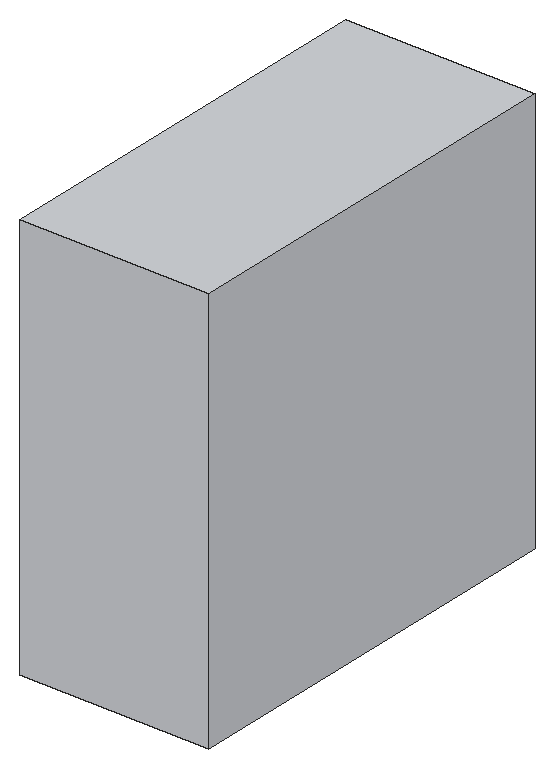
Revit family "M_Abafador de fogo - Retangular - Único", category Acessórios de duto, Revit 2019
Family settings
  Cota do conector redondo = Utilizar diâmetro
  Tipo de parte = Regulador de fluxo de ar
  Número OmniClass = 23.60.70.11.11
  Título OmniClass = Fire Dampers
  ID de item do Seek = Fire Damper - Rectangular - Simple-0000-USA-ENU
  Com base no plano de trabalho = Não
  Sempre na vertical = Sim
  Corte com vazios quando carregada = Não
  Compartilhado = Não
Parameters (values of type "Padrão")
  Largura 1 [instance] = if(and(Largura do duto < 1200 mm, Altura do duto < 1200 mm), 12 mm, if(or(Largura do duto > 2400 mm, Altura do duto > 2400 mm), 40 mm, 25 mm))  # 12 mm
  Largura do símbolo [instance] = Largura do abafador * 2  # 648 mm
  Raio do símbolo [instance] = Comprimento do abafador * 0.2  # 30 mm
  Queda de pressão [instance] = 995.0 Pa
  Largura do meio símbolo [instance] = Largura do símbolo / 2  # 324 mm
  Largura do meio duto [instance] = 1 / 2 * Largura do duto  # 150 mm
  Largura de meio abafador [instance] = Largura do abafador / 2  # 162 mm
  Comprimento de meio abafador = Comprimento do abafador / 2  # 75 mm
  Altura de meio abafador [instance] = Altura do abafador / 2  # 162 mm
  Material do abafador de fogo = none
  Largura do duto [instance] = 300 mm
  Altura do duto [instance] = 300 mm
  Largura do abafador [instance] = Largura do duto + Largura 1 * 2  # 324 mm
  Comprimento do abafador = 150 mm
  Altura do abafador [instance] = Altura do duto + Largura 1 * 2  # 324 mm
Reference planes
  plane 1 "Centro (Frente/Trás)": y = 0
  plane 2: z = 0
  plane 3 "Centro (Esquerda/Direita)": x = 0
  plane 4: x = -75
  plane 5: x = 75
  plane 6: z = 162
  plane 7: z = -162
  plane 8: y = 162
  plane 9: y = -162
  plane 10: y = 324
  plane 11: y = -324
  plane 12: y = 150
  plane 13: y = -150
Forms (mm)
  Extrusion 1, solid, material <- "Material do abafador de fogo"
    sketch origin (0, 0, 0) x (0, 1, 0) y (0, 0, 1)
      loop
        line (162, 162) -> (-162, 162) -> (-162, -162) -> (162, -162) -> (162, 162)
    from -75 to 75
Lines and regions (mm)
  symbolic lines, detail levels coarse+medium
    curve 1: line (-75, 324, 0) -> (0, 324, 0)
    curve 2: line (0, 324, 0) -> (0, -324, 0)
    curve 3: line (-75, 150, 0) -> (-75, -150, 0)
    curve 4: line (75, 150, 0) -> (75, -150, 0)
    curve 5: circle (0, 0, 0) r 30 normal (0, 0, 1)
  symbolic lines, detail levels fine
    curve 6: line (-75, 162, 0) -> (75, 162, 0)
    curve 7: line (-75, -162, 0) -> (-75, 162, 0)
    curve 8: line (75, -162, 0) -> (-75, -162, 0)
    curve 9: line (75, 162, 0) -> (75, -162, 0)
Dimensions and locks
  "Comprimento de meio abafador": plane 4 to plane 3 "Centro (Esquerda/Direita)"
  "Comprimento de meio abafador": plane 3 "Centro (Esquerda/Direita)" to plane 5
  "Altura de meio abafador": plane 6 to plane 2
  "Altura de meio abafador": plane 2 to plane 7
  "Largura de meio abafador": plane 8 to plane 1 "Centro (Frente/Trás)"
  "Largura de meio abafador": plane 1 "Centro (Frente/Trás)" to plane 9
  "Largura do meio símbolo": plane 10 to plane 1 "Centro (Frente/Trás)"
  "Largura do meio símbolo": plane 11 to plane 1 "Centro (Frente/Trás)"
  "Largura do meio duto": plane 1 "Centro (Frente/Trás)" to plane 12
  "Largura do meio duto": plane 13 to plane 1 "Centro (Frente/Trás)"
  "Raio do símbolo": radius of curve 5
  aligned and locked: Extrusion 1 to plane 4
  aligned and locked: plane 5 to Extrusion 1
  aligned and locked: plane 6 to Extrusion 1
  aligned and locked: Extrusion 1 to plane 7
  aligned and locked: Extrusion 1 to plane 8
  aligned and locked: plane 9 to Extrusion 1
  aligned and locked: plane 4 to curve 1
  aligned and locked: curve 1 to plane 10
  aligned and locked: plane 10 to curve 2
  aligned and locked: plane 11 to curve 2
  aligned and locked: curve 2 to plane 3 "Centro (Esquerda/Direita)"
  aligned and locked: plane 12 to curve 3
  aligned and locked: plane 13 to curve 3
  aligned and locked: curve 3 to plane 4
  aligned and locked: plane 12 to curve 4
  aligned and locked: plane 13 to curve 4
  aligned and locked: curve 4 to plane 5
  aligned and locked: plane 3 "Centro (Esquerda/Direita)" to curve 5
  aligned and locked: plane 1 "Centro (Frente/Trás)" to curve 5
  aligned and locked: plane 8 to curve 6
  aligned and locked: curve 8 to plane 9
  aligned and locked: curve 9 to plane 5
  aligned and locked: plane 4 to curve 7
Automatic sketch dimensions
  plane 1 "Centro (Frente/Trás)" to Extrusion 1 sketch curve = 162 mm
  Extrusion 1 sketch curve to plane 1 "Centro (Frente/Trás)" = 162 mm
  Extrusion 1 sketch curve to level = 162 mm
  level to Extrusion 1 sketch curve = 162 mm
Connectors
  hvac at (-75, 0, 0), driven by "Altura do duto", driven by "Largura do duto", driven by "Queda de pressão"
    settings: on Extrusion 1, index 1, duct flow 0.0 L/s, flow factor 0, pres drop 995.0 Pa, loss coef 0, conn angle 0.00°, conn width 300 mm, conn height 300 mm, conn diameter 609.6 mm, duct sys type 29, conn prof type 1, flow config 0, flow direction 0, loss method 4, conn ref index 2, conn util no, is conn primary yes, conn desc ""
  hvac at (75, 0, 0), driven by "Altura do duto", driven by "Largura do duto"
    settings: on Extrusion 1, index 2, duct flow 0.0 L/s, flow factor 0, pres drop 0.0 Pa, loss coef 0, conn angle 0.00°, conn width 300 mm, conn height 300 mm, conn diameter 609.6 mm, duct sys type 29, conn prof type 1, flow config 0, flow direction 0, loss method 4, conn ref index 1, conn util no, is conn primary no, conn desc ""
